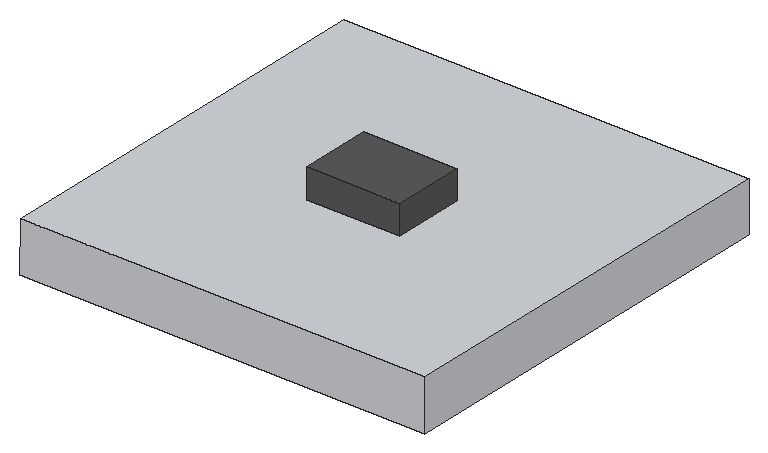
Revit family "r2018_videomax_storage", category Устройства связи, Revit 2018 (continued)
Definition of nested family "videomax_19 4U (JBOD)"
  Lines and regions (mm)
    model lines, visible <- "Back_500", detail levels fine
      curve 2524: circle (602.071, 243.59, 0) r 1.912 normal (0, 0, 1)
      curve 2525: circle (602.26, 235.513, 0) r 1.912 normal (0, 0, 1)
      curve 2526: circle (605.467, 231.475, 0) r 1.912 normal (0, 0, 1)
      curve 2527: circle (602.165, 227.437, 0) r 1.912 normal (0, 0, 1)
      curve 2528: circle (605.514, 279.932, 0) r 1.912 normal (0, 0, 1)
      curve 2529: circle (602.26, 267.818, 0) r 1.912 normal (0, 0, 1)
      curve 2530: circle (605.467, 263.78, 0) r 1.912 normal (0, 0, 1)
      curve 2531: circle (605.467, 239.551, 0) r 1.912 normal (0, 0, 1)
      curve 2532: circle (605.42, 223.399, 0) r 1.912 normal (0, 0, 1)
      curve 2533: circle (605.467, 271.856, 0) r 1.912 normal (0, 0, 1)
      curve 2534: circle (605.42, 255.704, 0) r 1.912 normal (0, 0, 1)
      curve 2535: circle (622.578, 292.047, 0) r 1.912 normal (0, 0, 1)
      curve 2536: circle (625.785, 288.009, 0) r 1.912 normal (0, 0, 1)
      curve 2537: circle (622.578, 283.97, 0) r 1.912 normal (0, 0, 1)
      curve 2538: circle (622.342, 275.894, 0) r 1.912 normal (0, 0, 1)
      curve 2539: circle (622.436, 259.742, 0) r 1.912 normal (0, 0, 1)
      curve 2540: circle (622.578, 251.666, 0) r 1.912 normal (0, 0, 1)
      curve 2541: circle (625.785, 247.628, 0) r 1.912 normal (0, 0, 1)
      curve 2542: circle (622.342, 243.59, 0) r 1.912 normal (0, 0, 1)
      curve 2543: circle (622.53, 235.513, 0) r 1.912 normal (0, 0, 1)
      curve 2544: circle (625.737, 231.475, 0) r 1.912 normal (0, 0, 1)
      curve 2545: circle (622.436, 227.437, 0) r 1.912 normal (0, 0, 1)
      curve 2546: circle (625.785, 279.932, 0) r 1.912 normal (0, 0, 1)
      curve 2547: circle (622.53, 267.818, 0) r 1.912 normal (0, 0, 1)
      curve 2548: circle (625.738, 263.78, 0) r 1.912 normal (0, 0, 1)
      curve 2549: circle (625.738, 239.551, 0) r 1.912 normal (0, 0, 1)
      curve 2550: circle (625.69, 223.399, 0) r 1.912 normal (0, 0, 1)
      curve 2551: circle (625.738, 271.856, 0) r 1.912 normal (0, 0, 1)
      curve 2552: circle (625.691, 255.704, 0) r 1.912 normal (0, 0, 1)
      curve 2553: circle (642.629, 292.047, 0) r 1.912 normal (0, 0, 1)
      curve 2554: circle (645.836, 288.009, 0) r 1.912 normal (0, 0, 1)
      curve 2555: circle (642.629, 283.97, 0) r 1.912 normal (0, 0, 1)
      curve 2556: circle (642.394, 275.894, 0) r 1.912 normal (0, 0, 1)
      curve 2557: circle (642.488, 259.742, 0) r 1.912 normal (0, 0, 1)
      curve 2558: circle (642.629, 251.666, 0) r 1.912 normal (0, 0, 1)
      curve 2559: circle (645.836, 247.628, 0) r 1.912 normal (0, 0, 1)
      curve 2560: circle (642.394, 243.59, 0) r 1.912 normal (0, 0, 1)
      curve 2561: circle (642.582, 235.513, 0) r 1.912 normal (0, 0, 1)
      curve 2562: circle (645.789, 231.475, 0) r 1.912 normal (0, 0, 1)
      curve 2563: circle (642.488, 227.437, 0) r 1.912 normal (0, 0, 1)
      curve 2564: circle (645.836, 279.932, 0) r 1.912 normal (0, 0, 1)
      curve 2565: circle (642.582, 267.818, 0) r 1.912 normal (0, 0, 1)
      curve 2566: circle (645.789, 263.78, 0) r 1.912 normal (0, 0, 1)
      curve 2567: circle (645.789, 239.551, 0) r 1.912 normal (0, 0, 1)
      curve 2568: circle (645.742, 223.399, 0) r 1.912 normal (0, 0, 1)
      curve 2569: circle (645.789, 271.856, 0) r 1.912 normal (0, 0, 1)
      curve 2570: circle (645.742, 255.704, 0) r 1.912 normal (0, 0, 1)
      curve 2571: circle (663.267, 292.047, 0) r 1.912 normal (0, 0, 1)
      curve 2572: circle (666.474, 288.009, 0) r 1.912 normal (0, 0, 1)
      curve 2573: circle (663.267, 283.97, 0) r 1.912 normal (0, 0, 1)
      curve 2574: circle (663.031, 275.894, 0) r 1.912 normal (0, 0, 1)
      curve 2575: circle (663.125, 259.742, 0) r 1.912 normal (0, 0, 1)
      curve 2576: circle (663.267, 251.666, 0) r 1.912 normal (0, 0, 1)
      curve 2577: circle (666.474, 247.628, 0) r 1.912 normal (0, 0, 1)
      curve 2578: circle (663.031, 243.59, 0) r 1.912 normal (0, 0, 1)
      curve 2579: circle (663.22, 235.513, 0) r 1.912 normal (0, 0, 1)
      curve 2580: circle (666.427, 231.475, 0) r 1.912 normal (0, 0, 1)
      curve 2581: circle (663.125, 227.437, 0) r 1.912 normal (0, 0, 1)
      curve 2582: circle (666.474, 279.932, 0) r 1.912 normal (0, 0, 1)
      curve 2583: circle (663.22, 267.818, 0) r 1.912 normal (0, 0, 1)
      curve 2584: circle (666.427, 263.78, 0) r 1.912 normal (0, 0, 1)
      curve 2585: circle (666.427, 239.551, 0) r 1.912 normal (0, 0, 1)
      curve 2586: circle (666.38, 223.399, 0) r 1.912 normal (0, 0, 1)
      curve 2587: circle (666.427, 271.856, 0) r 1.912 normal (0, 0, 1)
      curve 2588: circle (666.38, 255.704, 0) r 1.912 normal (0, 0, 1)
      curve 2589: circle (683.538, 292.047, 0) r 1.912 normal (0, 0, 1)
      curve 2590: circle (686.745, 288.009, 0) r 1.912 normal (0, 0, 1)
      curve 2591: circle (683.538, 283.97, 0) r 1.912 normal (0, 0, 1)
      curve 2592: circle (683.302, 275.894, 0) r 1.912 normal (0, 0, 1)
      curve 2593: circle (683.396, 259.742, 0) r 1.912 normal (0, 0, 1)
      curve 2594: circle (683.538, 251.666, 0) r 1.912 normal (0, 0, 1)
      curve 2595: circle (686.745, 247.628, 0) r 1.912 normal (0, 0, 1)
      curve 2596: circle (683.302, 243.59, 0) r 1.912 normal (0, 0, 1)
      curve 2597: circle (683.49, 235.513, 0) r 1.912 normal (0, 0, 1)
      curve 2598: circle (686.698, 231.475, 0) r 1.912 normal (0, 0, 1)
      curve 2599: circle (683.396, 227.437, 0) r 1.912 normal (0, 0, 1)
      curve 2600: circle (686.745, 279.932, 0) r 1.912 normal (0, 0, 1)
      curve 2601: circle (683.49, 267.818, 0) r 1.912 normal (0, 0, 1)
      curve 2602: circle (686.698, 263.78, 0) r 1.912 normal (0, 0, 1)
      curve 2603: circle (686.698, 239.551, 0) r 1.912 normal (0, 0, 1)
      curve 2604: circle (686.65, 223.399, 0) r 1.912 normal (0, 0, 1)
      curve 2605: circle (686.698, 271.856, 0) r 1.912 normal (0, 0, 1)
      curve 2606: circle (686.651, 255.704, 0) r 1.912 normal (0, 0, 1)
      curve 2607: circle (703.589, 292.047, 0) r 1.912 normal (0, 0, 1)
      curve 2608: circle (706.797, 288.009, 0) r 1.912 normal (0, 0, 1)
      curve 2609: circle (703.589, 283.97, 0) r 1.912 normal (0, 0, 1)
      curve 2610: circle (703.354, 275.894, 0) r 1.912 normal (0, 0, 1)
      curve 2611: circle (703.448, 259.742, 0) r 1.912 normal (0, 0, 1)
      curve 2612: circle (703.589, 251.666, 0) r 1.912 normal (0, 0, 1)
      curve 2613: circle (706.797, 247.628, 0) r 1.912 normal (0, 0, 1)
      curve 2614: circle (703.354, 243.59, 0) r 1.912 normal (0, 0, 1)
      curve 2615: circle (703.542, 235.513, 0) r 1.912 normal (0, 0, 1)
      curve 2616: circle (706.749, 231.475, 0) r 1.912 normal (0, 0, 1)
      curve 2617: circle (703.448, 227.437, 0) r 1.912 normal (0, 0, 1)
      curve 2618: circle (706.797, 279.932, 0) r 1.912 normal (0, 0, 1)
      curve 2619: circle (703.542, 267.818, 0) r 1.912 normal (0, 0, 1)
      curve 2620: circle (706.749, 263.78, 0) r 1.912 normal (0, 0, 1)
      curve 2621: circle (706.749, 239.551, 0) r 1.912 normal (0, 0, 1)
      curve 2622: circle (706.702, 223.399, 0) r 1.912 normal (0, 0, 1)
      curve 2623: circle (706.749, 271.856, 0) r 1.912 normal (0, 0, 1)
      curve 2624: circle (706.702, 255.704, 0) r 1.912 normal (0, 0, 1)
      curve 2625: arc (513.319, 211.741, 0) -> (513.938, 211.429, 0) -> (514.005, 210.739, 0) r 0.719
      curve 2626: arc (513.364, 205.564, 0) -> (513.04, 204.943, 0) -> (512.38, 204.708, 0) r 0.96
      curve 2627: arc (501.301, 204.708, 0) -> (500.628, 204.935, 0) -> (500.278, 205.553, 0) r 0.995
      curve 2628: arc (499.367, 210.595, 0) -> (499.491, 211.356, 0) -> (500.159, 211.741, 0) r 0.899
      curve 2629: arc (477.052, 211.741, 0) -> (477.67, 211.429, 0) -> (477.738, 210.739, 0) r 0.719
      curve 2630: arc (477.097, 205.564, 0) -> (476.773, 204.943, 0) -> (476.113, 204.708, 0) r 0.96
      curve 2631: arc (465.034, 204.708, 0) -> (464.361, 204.935, 0) -> (464.011, 205.553, 0) r 0.995
      curve 2632: arc (463.099, 210.595, 0) -> (463.224, 211.356, 0) -> (463.892, 211.741, 0) r 0.899
      curve 2633: arc (507.294, 229.893, 0) -> (507.913, 229.58, 0) -> (507.981, 228.89, 0) r 0.719
      curve 2634: arc (507.339, 223.715, 0) -> (507.015, 223.094, 0) -> (506.356, 222.859, 0) r 0.96
      curve 2635: arc (471.667, 222.859, 0) -> (470.993, 223.086, 0) -> (470.643, 223.704, 0) r 0.995
      curve 2636: arc (469.732, 228.746, 0) -> (469.856, 229.507, 0) -> (470.524, 229.893, 0) r 0.899
      curve 2637: circle (584.532, 272.964, 0) r 1.743 normal (0, 0, 1)
      curve 2638: circle (584.532, 250.703, 0) r 1.744 normal (0, 0, 1)
      curve 2639: circle (584.532, 238.039, 0) r 1.744 normal (0, 0, 1)
      curve 2640: circle (584.532, 215.777, 0) r 1.743 normal (0, 0, 1)
      curve 2641: arc (588.051, 220.279, 0) -> (587.738, 219.66, 0) -> (587.049, 219.593, 0) r 0.719
      curve 2642: arc (581.874, 220.234, 0) -> (581.253, 220.558, 0) -> (581.017, 221.218, 0) r 0.96
      curve 2643: arc (581.017, 232.297, 0) -> (581.244, 232.97, 0) -> (581.863, 233.32, 0) r 0.995
      curve 2644: arc (586.905, 234.231, 0) -> (587.666, 234.107, 0) -> (588.051, 233.439, 0) r 0.899
      curve 2645: arc (588.167, 255.053, 0) -> (587.854, 254.434, 0) -> (587.164, 254.366, 0) r 0.719
      curve 2646: arc (581.99, 255.008, 0) -> (581.369, 255.332, 0) -> (581.133, 255.991, 0) r 0.96
      curve 2647: arc (581.133, 267.07, 0) -> (581.36, 267.743, 0) -> (581.979, 268.094, 0) r 0.995
      curve 2648: arc (587.021, 269.005, 0) -> (587.782, 268.881, 0) -> (588.167, 268.213, 0) r 0.899
      curve 2649: arc (418.895, 272.083, 0) -> (416.772, 270.025, 0) -> (414.65, 272.083, 0) r 2.123
      curve 2650: arc (414.65, 283.039, 0) -> (416.772, 285.053, 0) -> (418.895, 283.039, 0) r 2.125
      curve 2651: circle (321.576, 354.213, 0) r 1.912 normal (0, 0, 1)
      curve 2652: circle (317.463, 350.817, 0) r 1.91 normal (0, 0, 1)
      curve 2653: circle (321.576, 347.073, 0) r 1.912 normal (0, 0, 1)
      curve 2654: circle (317.463, 343.678, 0) r 1.91 normal (0, 0, 1)
      curve 2655: circle (321.576, 340.254, 0) r 1.912 normal (0, 0, 1)
      curve 2656: circle (317.463, 336.858, 0) r 1.91 normal (0, 0, 1)
      curve 2657: circle (321.576, 333.115, 0) r 1.912 normal (0, 0, 1)
      curve 2658: circle (317.463, 329.719, 0) r 1.91 normal (0, 0, 1)
      curve 2659: circle (321.576, 326.54, 0) r 1.912 normal (0, 0, 1)
      curve 2660: circle (317.463, 323.144, 0) r 1.91 normal (0, 0, 1)
      curve 2661: circle (321.576, 319.4, 0) r 1.912 normal (0, 0, 1)
      curve 2662: circle (317.463, 316.004, 0) r 1.91 normal (0, 0, 1)
      curve 2663: circle (329.804, 354.119, 0) r 1.912 normal (0, 0, 1)
      curve 2664: circle (325.69, 350.723, 0) r 1.91 normal (0, 0, 1)
      curve 2665: circle (329.804, 346.979, 0) r 1.912 normal (0, 0, 1)
      curve 2666: circle (325.69, 343.583, 0) r 1.91 normal (0, 0, 1)
      curve 2667: circle (329.804, 340.16, 0) r 1.912 normal (0, 0, 1)
      curve 2668: circle (325.69, 336.764, 0) r 1.91 normal (0, 0, 1)
      curve 2669: circle (329.804, 333.02, 0) r 1.912 normal (0, 0, 1)
      curve 2670: circle (325.69, 329.625, 0) r 1.91 normal (0, 0, 1)
      curve 2671: circle (329.804, 326.445, 0) r 1.912 normal (0, 0, 1)
      curve 2672: circle (325.69, 323.05, 0) r 1.91 normal (0, 0, 1)
      curve 2673: circle (329.804, 319.306, 0) r 1.912 normal (0, 0, 1)
      curve 2674: circle (325.69, 315.91, 0) r 1.91 normal (0, 0, 1)
      curve 2675: circle (338.031, 354.307, 0) r 1.912 normal (0, 0, 1)
      curve 2676: circle (333.918, 350.912, 0) r 1.91 normal (0, 0, 1)
      curve 2677: circle (338.031, 347.168, 0) r 1.912 normal (0, 0, 1)
      curve 2678: circle (333.918, 343.772, 0) r 1.91 normal (0, 0, 1)
      curve 2679: circle (338.031, 340.349, 0) r 1.912 normal (0, 0, 1)
      curve 2680: circle (333.918, 336.953, 0) r 1.91 normal (0, 0, 1)
      curve 2681: circle (338.031, 333.209, 0) r 1.912 normal (0, 0, 1)
      curve 2682: circle (333.918, 329.813, 0) r 1.91 normal (0, 0, 1)
      curve 2683: circle (338.031, 326.634, 0) r 1.912 normal (0, 0, 1)
      curve 2684: circle (333.918, 323.238, 0) r 1.91 normal (0, 0, 1)
      curve 2685: circle (338.031, 319.494, 0) r 1.912 normal (0, 0, 1)
      curve 2686: circle (333.918, 316.099, 0) r 1.91 normal (0, 0, 1)
      curve 2687: circle (346.259, 354.072, 0) r 1.912 normal (0, 0, 1)
      curve 2688: circle (342.145, 350.676, 0) r 1.91 normal (0, 0, 1)
      curve 2689: circle (346.259, 346.932, 0) r 1.912 normal (0, 0, 1)
      curve 2690: circle (342.145, 343.536, 0) r 1.91 normal (0, 0, 1)
      curve 2691: circle (346.259, 340.113, 0) r 1.912 normal (0, 0, 1)
      curve 2692: circle (342.145, 336.717, 0) r 1.91 normal (0, 0, 1)
      curve 2693: circle (346.259, 332.973, 0) r 1.912 normal (0, 0, 1)
      curve 2694: circle (342.145, 329.577, 0) r 1.91 normal (0, 0, 1)
      curve 2695: circle (346.259, 326.398, 0) r 1.912 normal (0, 0, 1)
      curve 2696: circle (342.145, 323.002, 0) r 1.91 normal (0, 0, 1)
      curve 2697: circle (346.259, 319.259, 0) r 1.912 normal (0, 0, 1)
      curve 2698: circle (342.145, 315.863, 0) r 1.91 normal (0, 0, 1)
      curve 2699: circle (354.486, 354.213, 0) r 1.912 normal (0, 0, 1)
      curve 2700: circle (350.373, 350.817, 0) r 1.91 normal (0, 0, 1)
      curve 2701: circle (354.486, 347.073, 0) r 1.912 normal (0, 0, 1)
      curve 2702: circle (350.373, 343.678, 0) r 1.91 normal (0, 0, 1)
      curve 2703: circle (354.486, 340.254, 0) r 1.912 normal (0, 0, 1)
      curve 2704: circle (350.373, 336.858, 0) r 1.91 normal (0, 0, 1)
      curve 2705: circle (354.486, 333.115, 0) r 1.912 normal (0, 0, 1)
      curve 2706: circle (350.373, 329.719, 0) r 1.91 normal (0, 0, 1)
      curve 2707: circle (354.486, 326.54, 0) r 1.912 normal (0, 0, 1)
      curve 2708: circle (350.373, 323.144, 0) r 1.91 normal (0, 0, 1)
      curve 2709: circle (354.486, 319.4, 0) r 1.912 normal (0, 0, 1)
      curve 2710: circle (350.373, 316.004, 0) r 1.91 normal (0, 0, 1)
      curve 2711: circle (362.714, 354.119, 0) r 1.912 normal (0, 0, 1)
      curve 2712: circle (358.6, 350.723, 0) r 1.91 normal (0, 0, 1)
      curve 2713: circle (362.714, 346.979, 0) r 1.912 normal (0, 0, 1)
      curve 2714: circle (358.6, 343.583, 0) r 1.91 normal (0, 0, 1)
      curve 2715: circle (362.714, 340.16, 0) r 1.912 normal (0, 0, 1)
      curve 2716: circle (358.6, 336.764, 0) r 1.91 normal (0, 0, 1)
      curve 2717: circle (362.714, 333.02, 0) r 1.912 normal (0, 0, 1)
      curve 2718: circle (358.6, 329.625, 0) r 1.91 normal (0, 0, 1)
      curve 2719: circle (362.714, 326.445, 0) r 1.912 normal (0, 0, 1)
      curve 2720: circle (358.6, 323.05, 0) r 1.91 normal (0, 0, 1)
      curve 2721: circle (362.714, 319.306, 0) r 1.912 normal (0, 0, 1)
      curve 2722: circle (358.6, 315.91, 0) r 1.91 normal (0, 0, 1)
      curve 2723: circle (370.941, 354.307, 0) r 1.912 normal (0, 0, 1)
      curve 2724: circle (366.828, 350.912, 0) r 1.91 normal (0, 0, 1)
      curve 2725: circle (370.941, 347.168, 0) r 1.912 normal (0, 0, 1)
      curve 2726: circle (366.828, 343.772, 0) r 1.91 normal (0, 0, 1)
      curve 2727: circle (370.941, 340.349, 0) r 1.912 normal (0, 0, 1)
      curve 2728: circle (366.828, 336.953, 0) r 1.91 normal (0, 0, 1)
      curve 2729: circle (370.941, 333.209, 0) r 1.912 normal (0, 0, 1)
      curve 2730: circle (366.828, 329.813, 0) r 1.91 normal (0, 0, 1)
      curve 2731: circle (370.941, 326.634, 0) r 1.912 normal (0, 0, 1)
      curve 2732: circle (366.828, 323.238, 0) r 1.91 normal (0, 0, 1)
      curve 2733: circle (370.941, 319.494, 0) r 1.912 normal (0, 0, 1)
      curve 2734: circle (366.828, 316.099, 0) r 1.91 normal (0, 0, 1)
      curve 2735: circle (379.169, 354.213, 0) r 1.912 normal (0, 0, 1)
      curve 2736: circle (375.055, 350.817, 0) r 1.91 normal (0, 0, 1)
      curve 2737: circle (379.169, 347.073, 0) r 1.912 normal (0, 0, 1)
      curve 2738: circle (375.055, 343.678, 0) r 1.91 normal (0, 0, 1)
      curve 2739: circle (379.169, 340.254, 0) r 1.912 normal (0, 0, 1)
      curve 2740: circle (375.055, 336.858, 0) r 1.91 normal (0, 0, 1)
      curve 2741: circle (379.169, 333.115, 0) r 1.912 normal (0, 0, 1)
      curve 2742: circle (375.055, 329.719, 0) r 1.91 normal (0, 0, 1)
      curve 2743: circle (379.169, 326.54, 0) r 1.912 normal (0, 0, 1)
      curve 2744: circle (375.055, 323.144, 0) r 1.91 normal (0, 0, 1)
      curve 2745: circle (379.169, 319.4, 0) r 1.912 normal (0, 0, 1)
      curve 2746: circle (375.055, 316.004, 0) r 1.91 normal (0, 0, 1)
      curve 2747: circle (387.396, 354.119, 0) r 1.912 normal (0, 0, 1)
      curve 2748: circle (383.282, 350.723, 0) r 1.91 normal (0, 0, 1)
      curve 2749: circle (387.396, 346.979, 0) r 1.912 normal (0, 0, 1)
      curve 2750: circle (383.282, 343.583, 0) r 1.91 normal (0, 0, 1)
      curve 2751: circle (387.396, 340.16, 0) r 1.912 normal (0, 0, 1)
      curve 2752: circle (383.282, 336.764, 0) r 1.91 normal (0, 0, 1)
      curve 2753: circle (387.396, 333.02, 0) r 1.912 normal (0, 0, 1)
      curve 2754: circle (383.282, 329.625, 0) r 1.91 normal (0, 0, 1)
      curve 2755: circle (387.396, 326.445, 0) r 1.912 normal (0, 0, 1)
      curve 2756: circle (383.282, 323.05, 0) r 1.91 normal (0, 0, 1)
      curve 2757: circle (387.396, 319.306, 0) r 1.912 normal (0, 0, 1)
      curve 2758: circle (383.282, 315.91, 0) r 1.91 normal (0, 0, 1)
      curve 2759: circle (419.738, 355.271, 0) r 1.912 normal (0, 0, 1)
      curve 2760: circle (415.624, 351.876, 0) r 1.91 normal (0, 0, 1)
      curve 2761: circle (419.738, 348.132, 0) r 1.912 normal (0, 0, 1)
      curve 2762: circle (415.624, 344.736, 0) r 1.91 normal (0, 0, 1)
      curve 2763: circle (419.738, 341.313, 0) r 1.912 normal (0, 0, 1)
      curve 2764: circle (415.624, 337.917, 0) r 1.91 normal (0, 0, 1)
      curve 2765: circle (419.738, 334.173, 0) r 1.912 normal (0, 0, 1)
      curve 2766: circle (415.624, 330.777, 0) r 1.91 normal (0, 0, 1)
      curve 2767: circle (419.738, 327.598, 0) r 1.912 normal (0, 0, 1)
      curve 2768: circle (415.624, 324.202, 0) r 1.91 normal (0, 0, 1)
      curve 2769: circle (419.738, 320.458, 0) r 1.912 normal (0, 0, 1)
      curve 2770: circle (415.624, 317.063, 0) r 1.91 normal (0, 0, 1)
      curve 2771: circle (427.965, 355.177, 0) r 1.912 normal (0, 0, 1)
      curve 2772: circle (423.851, 351.781, 0) r 1.91 normal (0, 0, 1)
      curve 2773: circle (427.965, 348.038, 0) r 1.912 normal (0, 0, 1)
      curve 2774: circle (423.851, 344.642, 0) r 1.91 normal (0, 0, 1)
      curve 2775: circle (427.965, 341.218, 0) r 1.912 normal (0, 0, 1)
      curve 2776: circle (423.851, 337.823, 0) r 1.91 normal (0, 0, 1)
      curve 2777: circle (427.965, 334.079, 0) r 1.912 normal (0, 0, 1)
      curve 2778: circle (423.851, 330.683, 0) r 1.91 normal (0, 0, 1)
      curve 2779: circle (427.965, 327.504, 0) r 1.912 normal (0, 0, 1)
      curve 2780: circle (423.851, 324.108, 0) r 1.91 normal (0, 0, 1)
      curve 2781: circle (427.965, 320.364, 0) r 1.912 normal (0, 0, 1)
      curve 2782: circle (423.851, 316.968, 0) r 1.91 normal (0, 0, 1)
      curve 2783: circle (436.193, 355.366, 0) r 1.912 normal (0, 0, 1)
      curve 2784: circle (432.079, 351.97, 0) r 1.91 normal (0, 0, 1)
      curve 2785: circle (436.193, 348.226, 0) r 1.912 normal (0, 0, 1)
      curve 2786: circle (432.079, 344.83, 0) r 1.91 normal (0, 0, 1)
      curve 2787: circle (436.193, 341.407, 0) r 1.912 normal (0, 0, 1)
      curve 2788: circle (432.079, 338.011, 0) r 1.91 normal (0, 0, 1)
      curve 2789: circle (436.193, 334.267, 0) r 1.912 normal (0, 0, 1)
      curve 2790: circle (432.079, 330.872, 0) r 1.91 normal (0, 0, 1)
      curve 2791: circle (436.193, 327.692, 0) r 1.912 normal (0, 0, 1)
      curve 2792: circle (432.079, 324.297, 0) r 1.91 normal (0, 0, 1)
      curve 2793: circle (436.193, 320.553, 0) r 1.912 normal (0, 0, 1)
      curve 2794: circle (432.079, 317.157, 0) r 1.91 normal (0, 0, 1)
      curve 2795: circle (444.42, 355.13, 0) r 1.912 normal (0, 0, 1)
      curve 2796: circle (440.306, 351.734, 0) r 1.91 normal (0, 0, 1)
      curve 2797: circle (444.42, 347.99, 0) r 1.912 normal (0, 0, 1)
      curve 2798: circle (440.306, 344.594, 0) r 1.91 normal (0, 0, 1)
      curve 2799: circle (444.42, 341.171, 0) r 1.912 normal (0, 0, 1)
      curve 2800: circle (440.306, 337.775, 0) r 1.91 normal (0, 0, 1)
      curve 2801: circle (444.42, 334.032, 0) r 1.912 normal (0, 0, 1)
      curve 2802: circle (440.306, 330.636, 0) r 1.91 normal (0, 0, 1)
      curve 2803: circle (444.42, 327.457, 0) r 1.912 normal (0, 0, 1)
      curve 2804: circle (440.306, 324.061, 0) r 1.91 normal (0, 0, 1)
      curve 2805: circle (444.42, 320.317, 0) r 1.912 normal (0, 0, 1)
      curve 2806: circle (440.306, 316.921, 0) r 1.91 normal (0, 0, 1)
      curve 2807: circle (452.648, 355.271, 0) r 1.912 normal (0, 0, 1)
      curve 2808: circle (448.534, 351.876, 0) r 1.91 normal (0, 0, 1)
      curve 2809: circle (452.648, 348.132, 0) r 1.912 normal (0, 0, 1)
      curve 2810: circle (448.534, 344.736, 0) r 1.91 normal (0, 0, 1)
      curve 2811: circle (452.648, 341.313, 0) r 1.912 normal (0, 0, 1)
      curve 2812: circle (448.534, 337.917, 0) r 1.91 normal (0, 0, 1)
      curve 2813: circle (452.648, 334.173, 0) r 1.912 normal (0, 0, 1)
      curve 2814: circle (448.534, 330.777, 0) r 1.91 normal (0, 0, 1)
      curve 2815: circle (452.648, 327.598, 0) r 1.912 normal (0, 0, 1)
      curve 2816: circle (448.534, 324.202, 0) r 1.91 normal (0, 0, 1)
      curve 2817: circle (452.648, 320.458, 0) r 1.912 normal (0, 0, 1)
      curve 2818: circle (448.534, 317.063, 0) r 1.91 normal (0, 0, 1)
      curve 2819: circle (460.875, 355.177, 0) r 1.912 normal (0, 0, 1)
      curve 2820: circle (456.761, 351.781, 0) r 1.91 normal (0, 0, 1)
      curve 2821: circle (460.875, 348.038, 0) r 1.912 normal (0, 0, 1)
      curve 2822: circle (456.761, 344.642, 0) r 1.91 normal (0, 0, 1)
      curve 2823: circle (460.875, 341.218, 0) r 1.912 normal (0, 0, 1)
      curve 2824: circle (456.761, 337.823, 0) r 1.91 normal (0, 0, 1)
      curve 2825: circle (460.875, 334.079, 0) r 1.912 normal (0, 0, 1)
      curve 2826: circle (456.761, 330.683, 0) r 1.91 normal (0, 0, 1)
      curve 2827: circle (460.875, 327.504, 0) r 1.912 normal (0, 0, 1)
      curve 2828: circle (456.761, 324.108, 0) r 1.91 normal (0, 0, 1)
      curve 2829: circle (460.875, 320.364, 0) r 1.912 normal (0, 0, 1)
      curve 2830: circle (456.761, 316.968, 0) r 1.91 normal (0, 0, 1)
      curve 2831: circle (469.102, 355.366, 0) r 1.912 normal (0, 0, 1)
      curve 2832: circle (464.989, 351.97, 0) r 1.91 normal (0, 0, 1)
      curve 2833: circle (469.102, 348.226, 0) r 1.912 normal (0, 0, 1)
      curve 2834: circle (464.989, 344.83, 0) r 1.91 normal (0, 0, 1)
      curve 2835: circle (469.102, 341.407, 0) r 1.912 normal (0, 0, 1)
      curve 2836: circle (464.989, 338.011, 0) r 1.91 normal (0, 0, 1)
      curve 2837: circle (469.102, 334.267, 0) r 1.912 normal (0, 0, 1)
      curve 2838: circle (464.989, 330.872, 0) r 1.91 normal (0, 0, 1)
      curve 2839: circle (469.102, 327.692, 0) r 1.912 normal (0, 0, 1)
      curve 2840: circle (464.989, 324.297, 0) r 1.91 normal (0, 0, 1)
      curve 2841: circle (469.102, 320.553, 0) r 1.912 normal (0, 0, 1)
      curve 2842: circle (464.989, 317.157, 0) r 1.91 normal (0, 0, 1)
      curve 2843: circle (477.33, 355.271, 0) r 1.912 normal (0, 0, 1)
      curve 2844: circle (473.216, 351.876, 0) r 1.91 normal (0, 0, 1)
      curve 2845: circle (477.33, 348.132, 0) r 1.912 normal (0, 0, 1)
      curve 2846: circle (473.216, 344.736, 0) r 1.91 normal (0, 0, 1)
      curve 2847: circle (477.33, 341.313, 0) r 1.912 normal (0, 0, 1)
      curve 2848: circle (473.216, 337.917, 0) r 1.91 normal (0, 0, 1)
      curve 2849: circle (477.33, 334.173, 0) r 1.912 normal (0, 0, 1)
      curve 2850: circle (473.216, 330.777, 0) r 1.91 normal (0, 0, 1)
      curve 2851: circle (477.33, 327.598, 0) r 1.912 normal (0, 0, 1)
      curve 2852: circle (473.216, 324.202, 0) r 1.91 normal (0, 0, 1)
      curve 2853: circle (477.33, 320.458, 0) r 1.912 normal (0, 0, 1)
      curve 2854: circle (473.216, 317.063, 0) r 1.91 normal (0, 0, 1)
      curve 2855: circle (485.557, 355.177, 0) r 1.912 normal (0, 0, 1)
      curve 2856: circle (481.444, 351.781, 0) r 1.91 normal (0, 0, 1)
      curve 2857: circle (485.557, 348.038, 0) r 1.912 normal (0, 0, 1)
      curve 2858: circle (481.444, 344.642, 0) r 1.91 normal (0, 0, 1)
      curve 2859: circle (485.557, 341.218, 0) r 1.912 normal (0, 0, 1)
      curve 2860: circle (481.444, 337.823, 0) r 1.91 normal (0, 0, 1)
      curve 2861: circle (485.557, 334.079, 0) r 1.912 normal (0, 0, 1)
      curve 2862: circle (481.444, 330.683, 0) r 1.91 normal (0, 0, 1)
      curve 2863: circle (485.557, 327.504, 0) r 1.912 normal (0, 0, 1)
      curve 2864: circle (481.444, 324.108, 0) r 1.91 normal (0, 0, 1)
      curve 2865: circle (485.557, 320.364, 0) r 1.912 normal (0, 0, 1)
      curve 2866: circle (481.444, 316.968, 0) r 1.91 normal (0, 0, 1)
      curve 2867: circle (493.993, 355.271, 0) r 1.912 normal (0, 0, 1)
      curve 2868: circle (489.879, 351.876, 0) r 1.91 normal (0, 0, 1)
      curve 2869: circle (493.993, 348.132, 0) r 1.912 normal (0, 0, 1)
      curve 2870: circle (489.879, 344.736, 0) r 1.91 normal (0, 0, 1)
      curve 2871: circle (493.993, 341.313, 0) r 1.912 normal (0, 0, 1)
      curve 2872: circle (489.879, 337.917, 0) r 1.91 normal (0, 0, 1)
      curve 2873: circle (493.993, 334.173, 0) r 1.912 normal (0, 0, 1)
      curve 2874: circle (489.879, 330.777, 0) r 1.91 normal (0, 0, 1)
      curve 2875: circle (493.993, 327.598, 0) r 1.912 normal (0, 0, 1)
      curve 2876: circle (489.879, 324.202, 0) r 1.91 normal (0, 0, 1)
      curve 2877: circle (493.993, 320.458, 0) r 1.912 normal (0, 0, 1)
      curve 2878: circle (489.879, 317.063, 0) r 1.91 normal (0, 0, 1)
      curve 2879: circle (502.221, 355.177, 0) r 1.912 normal (0, 0, 1)
      curve 2880: circle (498.107, 351.781, 0) r 1.91 normal (0, 0, 1)
      curve 2881: circle (502.221, 348.038, 0) r 1.912 normal (0, 0, 1)
      curve 2882: circle (498.107, 344.642, 0) r 1.91 normal (0, 0, 1)
      curve 2883: circle (502.221, 341.218, 0) r 1.912 normal (0, 0, 1)
      curve 2884: circle (498.107, 337.823, 0) r 1.91 normal (0, 0, 1)
      curve 2885: circle (502.221, 334.079, 0) r 1.912 normal (0, 0, 1)
      curve 2886: circle (498.107, 330.683, 0) r 1.91 normal (0, 0, 1)
      curve 2887: circle (502.221, 327.504, 0) r 1.912 normal (0, 0, 1)
      curve 2888: circle (498.107, 324.108, 0) r 1.91 normal (0, 0, 1)
      curve 2889: circle (502.221, 320.364, 0) r 1.912 normal (0, 0, 1)
      curve 2890: circle (498.107, 316.968, 0) r 1.91 normal (0, 0, 1)
      curve 2891: circle (510.448, 355.366, 0) r 1.912 normal (0, 0, 1)
      curve 2892: circle (506.335, 351.97, 0) r 1.91 normal (0, 0, 1)
      curve 2893: circle (510.448, 348.226, 0) r 1.912 normal (0, 0, 1)
      curve 2894: circle (506.335, 344.83, 0) r 1.91 normal (0, 0, 1)
      curve 2895: circle (510.448, 341.407, 0) r 1.912 normal (0, 0, 1)
      curve 2896: circle (506.335, 338.011, 0) r 1.91 normal (0, 0, 1)
      curve 2897: circle (510.448, 334.267, 0) r 1.912 normal (0, 0, 1)
      curve 2898: circle (506.335, 330.872, 0) r 1.91 normal (0, 0, 1)
      curve 2899: circle (510.448, 327.692, 0) r 1.912 normal (0, 0, 1)
      curve 2900: circle (506.335, 324.297, 0) r 1.91 normal (0, 0, 1)
      curve 2901: circle (510.448, 320.553, 0) r 1.912 normal (0, 0, 1)
      curve 2902: circle (506.335, 317.157, 0) r 1.91 normal (0, 0, 1)
      curve 2903: circle (518.676, 355.13, 0) r 1.912 normal (0, 0, 1)
      curve 2904: circle (514.562, 351.734, 0) r 1.91 normal (0, 0, 1)
      curve 2905: circle (518.676, 347.99, 0) r 1.912 normal (0, 0, 1)
      curve 2906: circle (514.562, 344.594, 0) r 1.91 normal (0, 0, 1)
      curve 2907: circle (518.676, 341.171, 0) r 1.912 normal (0, 0, 1)
      curve 2908: circle (514.562, 337.775, 0) r 1.91 normal (0, 0, 1)
      curve 2909: circle (518.676, 334.032, 0) r 1.912 normal (0, 0, 1)
      curve 2910: circle (514.562, 330.636, 0) r 1.91 normal (0, 0, 1)
      curve 2911: circle (518.676, 327.457, 0) r 1.912 normal (0, 0, 1)
      curve 2912: circle (514.562, 324.061, 0) r 1.91 normal (0, 0, 1)
      curve 2913: circle (518.676, 320.317, 0) r 1.912 normal (0, 0, 1)
      curve 2914: circle (514.562, 316.921, 0) r 1.91 normal (0, 0, 1)
      curve 2915: circle (526.903, 355.271, 0) r 1.912 normal (0, 0, 1)
      curve 2916: circle (522.789, 351.876, 0) r 1.91 normal (0, 0, 1)
      curve 2917: circle (526.903, 348.132, 0) r 1.912 normal (0, 0, 1)
      curve 2918: circle (522.789, 344.736, 0) r 1.91 normal (0, 0, 1)
      curve 2919: circle (526.903, 341.313, 0) r 1.912 normal (0, 0, 1)
      curve 2920: circle (522.789, 337.917, 0) r 1.91 normal (0, 0, 1)
      curve 2921: circle (526.903, 334.173, 0) r 1.912 normal (0, 0, 1)
      curve 2922: circle (522.789, 330.777, 0) r 1.91 normal (0, 0, 1)
      curve 2923: circle (526.903, 327.598, 0) r 1.912 normal (0, 0, 1)
      curve 2924: circle (522.789, 324.202, 0) r 1.91 normal (0, 0, 1)
      curve 2925: circle (526.903, 320.458, 0) r 1.912 normal (0, 0, 1)
      curve 2926: circle (522.789, 317.063, 0) r 1.91 normal (0, 0, 1)
      curve 2927: circle (535.13, 355.177, 0) r 1.912 normal (0, 0, 1)
      curve 2928: circle (531.017, 351.781, 0) r 1.91 normal (0, 0, 1)
      curve 2929: circle (535.13, 348.038, 0) r 1.912 normal (0, 0, 1)
      curve 2930: circle (531.017, 344.642, 0) r 1.91 normal (0, 0, 1)
      curve 2931: circle (535.13, 341.218, 0) r 1.912 normal (0, 0, 1)
      curve 2932: circle (531.017, 337.823, 0) r 1.91 normal (0, 0, 1)
      curve 2933: circle (535.13, 334.079, 0) r 1.912 normal (0, 0, 1)
      curve 2934: circle (531.017, 330.683, 0) r 1.91 normal (0, 0, 1)
      curve 2935: circle (535.13, 327.504, 0) r 1.912 normal (0, 0, 1)
      curve 2936: circle (531.017, 324.108, 0) r 1.91 normal (0, 0, 1)
      curve 2937: circle (535.13, 320.364, 0) r 1.912 normal (0, 0, 1)
      curve 2938: circle (531.017, 316.968, 0) r 1.91 normal (0, 0, 1)
      curve 2939: circle (543.358, 355.366, 0) r 1.912 normal (0, 0, 1)
      curve 2940: circle (539.244, 351.97, 0) r 1.91 normal (0, 0, 1)
      curve 2941: circle (543.358, 348.226, 0) r 1.912 normal (0, 0, 1)
      curve 2942: circle (539.244, 344.83, 0) r 1.91 normal (0, 0, 1)
      curve 2943: circle (543.358, 341.407, 0) r 1.912 normal (0, 0, 1)
      curve 2944: circle (539.244, 338.011, 0) r 1.91 normal (0, 0, 1)
      curve 2945: circle (543.358, 334.267, 0) r 1.912 normal (0, 0, 1)
      curve 2946: circle (539.244, 330.872, 0) r 1.91 normal (0, 0, 1)
      curve 2947: circle (543.358, 327.692, 0) r 1.912 normal (0, 0, 1)
      curve 2948: circle (539.244, 324.297, 0) r 1.91 normal (0, 0, 1)
      curve 2949: circle (543.358, 320.553, 0) r 1.912 normal (0, 0, 1)
      curve 2950: circle (539.244, 317.157, 0) r 1.91 normal (0, 0, 1)
      curve 2951: circle (551.585, 355.271, 0) r 1.912 normal (0, 0, 1)
      curve 2952: circle (547.472, 351.876, 0) r 1.91 normal (0, 0, 1)
      curve 2953: circle (551.585, 348.132, 0) r 1.912 normal (0, 0, 1)
      curve 2954: circle (547.472, 344.736, 0) r 1.91 normal (0, 0, 1)
      curve 2955: circle (551.585, 341.313, 0) r 1.912 normal (0, 0, 1)
      curve 2956: circle (547.472, 337.917, 0) r 1.91 normal (0, 0, 1)
      curve 2957: circle (551.585, 334.173, 0) r 1.912 normal (0, 0, 1)
      curve 2958: circle (547.472, 330.777, 0) r 1.91 normal (0, 0, 1)
      curve 2959: circle (551.585, 327.598, 0) r 1.912 normal (0, 0, 1)
      curve 2960: circle (547.472, 324.202, 0) r 1.91 normal (0, 0, 1)
      curve 2961: circle (551.585, 320.458, 0) r 1.912 normal (0, 0, 1)
      curve 2962: circle (547.472, 317.063, 0) r 1.91 normal (0, 0, 1)
      curve 2963: circle (559.813, 355.177, 0) r 1.912 normal (0, 0, 1)
      curve 2964: circle (555.699, 351.781, 0) r 1.91 normal (0, 0, 1)
      curve 2965: circle (559.813, 348.038, 0) r 1.912 normal (0, 0, 1)
      curve 2966: circle (555.699, 344.642, 0) r 1.91 normal (0, 0, 1)
      curve 2967: circle (559.813, 341.218, 0) r 1.912 normal (0, 0, 1)
      curve 2968: circle (555.699, 337.823, 0) r 1.91 normal (0, 0, 1)
      curve 2969: circle (559.813, 334.079, 0) r 1.912 normal (0, 0, 1)
      curve 2970: circle (555.699, 330.683, 0) r 1.91 normal (0, 0, 1)
      curve 2971: circle (559.813, 327.504, 0) r 1.912 normal (0, 0, 1)
      curve 2972: circle (555.699, 324.108, 0) r 1.91 normal (0, 0, 1)
      curve 2973: circle (559.813, 320.364, 0) r 1.912 normal (0, 0, 1)
      curve 2974: circle (555.699, 316.968, 0) r 1.91 normal (0, 0, 1)
      curve 2975: circle (567.994, 355.271, 0) r 1.912 normal (0, 0, 1)
      curve 2976: circle (563.88, 351.876, 0) r 1.91 normal (0, 0, 1)
      curve 2977: circle (567.994, 348.132, 0) r 1.912 normal (0, 0, 1)
      curve 2978: circle (563.88, 344.736, 0) r 1.91 normal (0, 0, 1)
      curve 2979: circle (567.994, 341.313, 0) r 1.912 normal (0, 0, 1)
      curve 2980: circle (563.88, 337.917, 0) r 1.91 normal (0, 0, 1)
      curve 2981: circle (567.994, 334.173, 0) r 1.912 normal (0, 0, 1)
      curve 2982: circle (563.88, 330.777, 0) r 1.91 normal (0, 0, 1)
      curve 2983: circle (567.994, 327.598, 0) r 1.912 normal (0, 0, 1)
      curve 2984: circle (563.88, 324.202, 0) r 1.91 normal (0, 0, 1)
      curve 2985: circle (567.994, 320.458, 0) r 1.912 normal (0, 0, 1)
      curve 2986: circle (563.88, 317.063, 0) r 1.91 normal (0, 0, 1)
      curve 2987: circle (576.221, 355.177, 0) r 1.912 normal (0, 0, 1)
      curve 2988: circle (572.108, 351.781, 0) r 1.91 normal (0, 0, 1)
      curve 2989: circle (576.221, 348.038, 0) r 1.912 normal (0, 0, 1)
      curve 2990: circle (572.108, 344.642, 0) r 1.91 normal (0, 0, 1)
      curve 2991: circle (576.221, 341.218, 0) r 1.912 normal (0, 0, 1)
      curve 2992: circle (572.108, 337.823, 0) r 1.91 normal (0, 0, 1)
      curve 2993: circle (576.221, 334.079, 0) r 1.912 normal (0, 0, 1)
      curve 2994: circle (572.108, 330.683, 0) r 1.91 normal (0, 0, 1)
      curve 2995: circle (576.221, 327.504, 0) r 1.912 normal (0, 0, 1)
      curve 2996: circle (572.108, 324.108, 0) r 1.91 normal (0, 0, 1)
      curve 2997: circle (576.221, 320.364, 0) r 1.912 normal (0, 0, 1)
      curve 2998: circle (572.108, 316.968, 0) r 1.91 normal (0, 0, 1)
      curve 2999: circle (584.449, 355.366, 0) r 1.912 normal (0, 0, 1)
      curve 3000: circle (580.335, 351.97, 0) r 1.91 normal (0, 0, 1)
      curve 3001: circle (584.449, 348.226, 0) r 1.912 normal (0, 0, 1)
      curve 3002: circle (580.335, 344.83, 0) r 1.91 normal (0, 0, 1)
      curve 3003: circle (584.449, 341.407, 0) r 1.912 normal (0, 0, 1)
      curve 3004: circle (580.335, 338.011, 0) r 1.91 normal (0, 0, 1)
      curve 3005: circle (584.449, 334.267, 0) r 1.912 normal (0, 0, 1)
      curve 3006: circle (580.335, 330.872, 0) r 1.91 normal (0, 0, 1)
      curve 3007: circle (584.449, 327.692, 0) r 1.912 normal (0, 0, 1)
      curve 3008: circle (580.335, 324.297, 0) r 1.91 normal (0, 0, 1)
      curve 3009: circle (584.449, 320.553, 0) r 1.912 normal (0, 0, 1)
      curve 3010: circle (580.335, 317.157, 0) r 1.91 normal (0, 0, 1)
      curve 3011: circle (592.676, 355.13, 0) r 1.912 normal (0, 0, 1)
      curve 3012: circle (588.563, 351.734, 0) r 1.91 normal (0, 0, 1)
      curve 3013: circle (592.676, 347.99, 0) r 1.912 normal (0, 0, 1)
      curve 3014: circle (588.563, 344.594, 0) r 1.91 normal (0, 0, 1)
      curve 3015: circle (592.676, 341.171, 0) r 1.912 normal (0, 0, 1)
      curve 3016: circle (588.563, 337.775, 0) r 1.91 normal (0, 0, 1)
      curve 3017: circle (592.676, 334.032, 0) r 1.912 normal (0, 0, 1)
      curve 3018: circle (588.563, 330.636, 0) r 1.91 normal (0, 0, 1)
      curve 3019: circle (592.676, 327.457, 0) r 1.912 normal (0, 0, 1)
      curve 3020: circle (588.563, 324.061, 0) r 1.91 normal (0, 0, 1)
      curve 3021: circle (592.676, 320.317, 0) r 1.912 normal (0, 0, 1)
      curve 3022: circle (588.563, 316.921, 0) r 1.91 normal (0, 0, 1)
      curve 3023: circle (600.904, 355.271, 0) r 1.912 normal (0, 0, 1)
      curve 3024: circle (596.79, 351.876, 0) r 1.91 normal (0, 0, 1)
      curve 3025: circle (600.904, 348.132, 0) r 1.912 normal (0, 0, 1)
      curve 3026: circle (596.79, 344.736, 0) r 1.91 normal (0, 0, 1)
      curve 3027: circle (600.904, 341.313, 0) r 1.912 normal (0, 0, 1)
      curve 3028: circle (596.79, 337.917, 0) r 1.91 normal (0, 0, 1)
      curve 3029: circle (600.904, 334.173, 0) r 1.912 normal (0, 0, 1)
      curve 3030: circle (596.79, 330.777, 0) r 1.91 normal (0, 0, 1)
      curve 3031: circle (600.904, 327.598, 0) r 1.912 normal (0, 0, 1)
      curve 3032: circle (596.79, 324.202, 0) r 1.91 normal (0, 0, 1)
      curve 3033: circle (600.904, 320.458, 0) r 1.912 normal (0, 0, 1)
      curve 3034: circle (596.79, 317.063, 0) r 1.91 normal (0, 0, 1)
      curve 3035: circle (609.131, 355.177, 0) r 1.912 normal (0, 0, 1)
      curve 3036: circle (605.018, 351.781, 0) r 1.91 normal (0, 0, 1)
      curve 3037: circle (609.131, 348.038, 0) r 1.912 normal (0, 0, 1)
      curve 3038: circle (605.018, 344.642, 0) r 1.91 normal (0, 0, 1)
      curve 3039: circle (609.131, 341.218, 0) r 1.912 normal (0, 0, 1)
      curve 3040: circle (605.018, 337.823, 0) r 1.91 normal (0, 0, 1)
      curve 3041: circle (609.131, 334.079, 0) r 1.912 normal (0, 0, 1)
      curve 3042: circle (605.018, 330.683, 0) r 1.91 normal (0, 0, 1)
      curve 3043: circle (609.131, 327.504, 0) r 1.912 normal (0, 0, 1)
      curve 3044: circle (605.018, 324.108, 0) r 1.91 normal (0, 0, 1)
      curve 3045: circle (609.131, 320.364, 0) r 1.912 normal (0, 0, 1)
      curve 3046: circle (605.018, 316.968, 0) r 1.91 normal (0, 0, 1)
      curve 3047: circle (617.359, 355.366, 0) r 1.912 normal (0, 0, 1)
      curve 3048: circle (613.245, 351.97, 0) r 1.91 normal (0, 0, 1)
      curve 3049: circle (617.359, 348.226, 0) r 1.912 normal (0, 0, 1)
      curve 3050: circle (613.245, 344.83, 0) r 1.91 normal (0, 0, 1)
      curve 3051: circle (617.359, 341.407, 0) r 1.912 normal (0, 0, 1)
      curve 3052: circle (613.245, 338.011, 0) r 1.91 normal (0, 0, 1)
      curve 3053: circle (617.359, 334.267, 0) r 1.912 normal (0, 0, 1)
      curve 3054: circle (613.245, 330.872, 0) r 1.91 normal (0, 0, 1)
      curve 3055: circle (617.359, 327.692, 0) r 1.912 normal (0, 0, 1)
      curve 3056: circle (613.245, 324.297, 0) r 1.91 normal (0, 0, 1)
      curve 3057: circle (617.359, 320.553, 0) r 1.912 normal (0, 0, 1)
      curve 3058: circle (613.245, 317.157, 0) r 1.91 normal (0, 0, 1)
      curve 3059: circle (625.586, 355.271, 0) r 1.912 normal (0, 0, 1)
      curve 3060: circle (621.472, 351.876, 0) r 1.91 normal (0, 0, 1)
      curve 3061: circle (625.586, 348.132, 0) r 1.912 normal (0, 0, 1)
      curve 3062: circle (621.472, 344.736, 0) r 1.91 normal (0, 0, 1)
      curve 3063: circle (625.586, 341.313, 0) r 1.912 normal (0, 0, 1)
      curve 3064: circle (621.472, 337.917, 0) r 1.91 normal (0, 0, 1)
      curve 3065: circle (625.586, 334.173, 0) r 1.912 normal (0, 0, 1)
      curve 3066: circle (621.472, 330.777, 0) r 1.91 normal (0, 0, 1)
      curve 3067: circle (625.586, 327.598, 0) r 1.912 normal (0, 0, 1)
      curve 3068: circle (621.472, 324.202, 0) r 1.91 normal (0, 0, 1)
      curve 3069: circle (625.586, 320.458, 0) r 1.912 normal (0, 0, 1)
      curve 3070: circle (621.472, 317.063, 0) r 1.91 normal (0, 0, 1)
      curve 3071: circle (633.814, 355.177, 0) r 1.912 normal (0, 0, 1)
      curve 3072: circle (629.7, 351.781, 0) r 1.91 normal (0, 0, 1)
      curve 3073: circle (633.814, 348.038, 0) r 1.912 normal (0, 0, 1)
      curve 3074: circle (629.7, 344.642, 0) r 1.91 normal (0, 0, 1)
      curve 3075: circle (633.814, 341.218, 0) r 1.912 normal (0, 0, 1)
      curve 3076: circle (629.7, 337.823, 0) r 1.91 normal (0, 0, 1)
      curve 3077: circle (633.814, 334.079, 0) r 1.912 normal (0, 0, 1)
      curve 3078: circle (629.7, 330.683, 0) r 1.91 normal (0, 0, 1)
      curve 3079: circle (633.814, 327.504, 0) r 1.912 normal (0, 0, 1)
      curve 3080: circle (629.7, 324.108, 0) r 1.91 normal (0, 0, 1)
      curve 3081: circle (633.814, 320.364, 0) r 1.912 normal (0, 0, 1)
      curve 3082: circle (629.7, 316.968, 0) r 1.91 normal (0, 0, 1)
      curve 3083: circle (642.249, 355.271, 0) r 1.912 normal (0, 0, 1)
      curve 3084: circle (638.136, 351.876, 0) r 1.91 normal (0, 0, 1)
      curve 3085: circle (642.249, 348.132, 0) r 1.912 normal (0, 0, 1)
      curve 3086: circle (638.136, 344.736, 0) r 1.91 normal (0, 0, 1)
      curve 3087: circle (642.249, 341.313, 0) r 1.912 normal (0, 0, 1)
      curve 3088: circle (638.136, 337.917, 0) r 1.91 normal (0, 0, 1)
      curve 3089: circle (642.249, 334.173, 0) r 1.912 normal (0, 0, 1)
      curve 3090: circle (638.136, 330.777, 0) r 1.91 normal (0, 0, 1)
      curve 3091: circle (642.249, 327.598, 0) r 1.912 normal (0, 0, 1)
      curve 3092: circle (638.136, 324.202, 0) r 1.91 normal (0, 0, 1)
      curve 3093: circle (642.249, 320.458, 0) r 1.912 normal (0, 0, 1)
      curve 3094: circle (638.136, 317.063, 0) r 1.91 normal (0, 0, 1)
      curve 3095: circle (650.477, 355.177, 0) r 1.912 normal (0, 0, 1)
      curve 3096: circle (646.363, 351.781, 0) r 1.91 normal (0, 0, 1)
      curve 3097: circle (650.477, 348.038, 0) r 1.912 normal (0, 0, 1)
      curve 3098: circle (646.363, 344.642, 0) r 1.91 normal (0, 0, 1)
      curve 3099: circle (650.477, 341.218, 0) r 1.912 normal (0, 0, 1)
      curve 3100: circle (646.363, 337.823, 0) r 1.91 normal (0, 0, 1)
      curve 3101: circle (650.477, 334.079, 0) r 1.912 normal (0, 0, 1)
      curve 3102: circle (646.363, 330.683, 0) r 1.91 normal (0, 0, 1)
      curve 3103: circle (650.477, 327.504, 0) r 1.912 normal (0, 0, 1)
      curve 3104: circle (646.363, 324.108, 0) r 1.91 normal (0, 0, 1)
      curve 3105: circle (650.477, 320.364, 0) r 1.912 normal (0, 0, 1)
      curve 3106: circle (646.363, 316.968, 0) r 1.91 normal (0, 0, 1)
      curve 3107: circle (658.704, 355.366, 0) r 1.912 normal (0, 0, 1)
      curve 3108: circle (654.591, 351.97, 0) r 1.91 normal (0, 0, 1)
      curve 3109: circle (658.704, 348.226, 0) r 1.912 normal (0, 0, 1)
      curve 3110: circle (654.591, 344.83, 0) r 1.91 normal (0, 0, 1)
      curve 3111: circle (658.704, 341.407, 0) r 1.912 normal (0, 0, 1)
      curve 3112: circle (654.591, 338.011, 0) r 1.91 normal (0, 0, 1)
      curve 3113: circle (658.704, 334.267, 0) r 1.912 normal (0, 0, 1)
      curve 3114: circle (654.591, 330.872, 0) r 1.91 normal (0, 0, 1)
      curve 3115: circle (658.704, 327.692, 0) r 1.912 normal (0, 0, 1)
      curve 3116: circle (654.591, 324.297, 0) r 1.91 normal (0, 0, 1)
      curve 3117: circle (658.704, 320.553, 0) r 1.912 normal (0, 0, 1)
      curve 3118: circle (654.591, 317.157, 0) r 1.91 normal (0, 0, 1)
      curve 3119: circle (666.932, 355.13, 0) r 1.912 normal (0, 0, 1)
      curve 3120: circle (662.818, 351.734, 0) r 1.91 normal (0, 0, 1)
      curve 3121: circle (666.932, 347.99, 0) r 1.912 normal (0, 0, 1)
      curve 3122: circle (662.818, 344.594, 0) r 1.91 normal (0, 0, 1)
      curve 3123: circle (666.932, 341.171, 0) r 1.912 normal (0, 0, 1)
      curve 3124: circle (662.818, 337.775, 0) r 1.91 normal (0, 0, 1)
      curve 3125: circle (666.932, 334.032, 0) r 1.912 normal (0, 0, 1)
      curve 3126: circle (662.818, 330.636, 0) r 1.91 normal (0, 0, 1)
      curve 3127: circle (666.932, 327.457, 0) r 1.912 normal (0, 0, 1)
      curve 3128: circle (662.818, 324.061, 0) r 1.91 normal (0, 0, 1)
      curve 3129: circle (666.932, 320.317, 0) r 1.912 normal (0, 0, 1)
      curve 3130: circle (662.818, 316.921, 0) r 1.91 normal (0, 0, 1)
      curve 3131: circle (675.159, 355.271, 0) r 1.912 normal (0, 0, 1)
      curve 3132: circle (671.046, 351.876, 0) r 1.91 normal (0, 0, 1)
      curve 3133: circle (675.159, 348.132, 0) r 1.912 normal (0, 0, 1)
      curve 3134: circle (671.046, 344.736, 0) r 1.91 normal (0, 0, 1)
      curve 3135: circle (675.159, 341.313, 0) r 1.912 normal (0, 0, 1)
      curve 3136: circle (671.046, 337.917, 0) r 1.91 normal (0, 0, 1)
      curve 3137: circle (675.159, 334.173, 0) r 1.912 normal (0, 0, 1)
      curve 3138: circle (671.046, 330.777, 0) r 1.91 normal (0, 0, 1)
      curve 3139: circle (675.159, 327.598, 0) r 1.912 normal (0, 0, 1)
      curve 3140: circle (671.046, 324.202, 0) r 1.91 normal (0, 0, 1)
      curve 3141: circle (675.159, 320.458, 0) r 1.912 normal (0, 0, 1)
      curve 3142: circle (671.046, 317.063, 0) r 1.91 normal (0, 0, 1)
      curve 3143: circle (683.387, 355.177, 0) r 1.912 normal (0, 0, 1)
      curve 3144: circle (679.273, 351.781, 0) r 1.91 normal (0, 0, 1)
      curve 3145: circle (683.387, 348.038, 0) r 1.912 normal (0, 0, 1)
      curve 3146: circle (679.273, 344.642, 0) r 1.91 normal (0, 0, 1)
      curve 3147: circle (683.387, 341.218, 0) r 1.912 normal (0, 0, 1)
      curve 3148: circle (679.273, 337.823, 0) r 1.91 normal (0, 0, 1)
      curve 3149: circle (683.387, 334.079, 0) r 1.912 normal (0, 0, 1)
      curve 3150: circle (679.273, 330.683, 0) r 1.91 normal (0, 0, 1)
      curve 3151: circle (683.387, 327.504, 0) r 1.912 normal (0, 0, 1)
      curve 3152: circle (679.273, 324.108, 0) r 1.91 normal (0, 0, 1)
      curve 3153: circle (683.387, 320.364, 0) r 1.912 normal (0, 0, 1)
      curve 3154: circle (679.273, 316.968, 0) r 1.91 normal (0, 0, 1)
      curve 3155: circle (691.614, 355.366, 0) r 1.912 normal (0, 0, 1)
      curve 3156: circle (687.501, 351.97, 0) r 1.91 normal (0, 0, 1)
      curve 3157: circle (691.614, 348.226, 0) r 1.912 normal (0, 0, 1)
      curve 3158: circle (687.501, 344.83, 0) r 1.91 normal (0, 0, 1)
      curve 3159: circle (691.614, 341.407, 0) r 1.912 normal (0, 0, 1)
      curve 3160: circle (687.501, 338.011, 0) r 1.91 normal (0, 0, 1)
      curve 3161: circle (691.614, 334.267, 0) r 1.912 normal (0, 0, 1)
      curve 3162: circle (687.501, 330.872, 0) r 1.91 normal (0, 0, 1)
      curve 3163: circle (691.614, 327.692, 0) r 1.912 normal (0, 0, 1)
      curve 3164: circle (687.501, 324.297, 0) r 1.91 normal (0, 0, 1)
      curve 3165: circle (691.614, 320.553, 0) r 1.912 normal (0, 0, 1)
      curve 3166: circle (687.501, 317.157, 0) r 1.91 normal (0, 0, 1)
      curve 3167: circle (699.842, 355.271, 0) r 1.912 normal (0, 0, 1)
      curve 3168: circle (695.728, 351.876, 0) r 1.91 normal (0, 0, 1)
      curve 3169: circle (699.842, 348.132, 0) r 1.912 normal (0, 0, 1)
      curve 3170: circle (695.728, 344.736, 0) r 1.91 normal (0, 0, 1)
      curve 3171: circle (699.842, 341.313, 0) r 1.912 normal (0, 0, 1)
      curve 3172: circle (695.728, 337.917, 0) r 1.91 normal (0, 0, 1)
      curve 3173: circle (699.842, 334.173, 0) r 1.912 normal (0, 0, 1)
      curve 3174: circle (695.728, 330.777, 0) r 1.91 normal (0, 0, 1)
      curve 3175: circle (699.842, 327.598, 0) r 1.912 normal (0, 0, 1)
      curve 3176: circle (695.728, 324.202, 0) r 1.91 normal (0, 0, 1)
      curve 3177: circle (699.842, 320.458, 0) r 1.912 normal (0, 0, 1)
      curve 3178: circle (695.728, 317.063, 0) r 1.91 normal (0, 0, 1)
      curve 3179: circle (708.069, 355.177, 0) r 1.912 normal (0, 0, 1)
      curve 3180: circle (703.955, 351.781, 0) r 1.91 normal (0, 0, 1)
      curve 3181: circle (708.069, 348.038, 0) r 1.912 normal (0, 0, 1)
      curve 3182: circle (703.955, 344.642, 0) r 1.91 normal (0, 0, 1)
      curve 3183: circle (708.069, 341.218, 0) r 1.912 normal (0, 0, 1)
      curve 3184: circle (703.955, 337.823, 0) r 1.91 normal (0, 0, 1)
      curve 3185: circle (708.069, 334.079, 0) r 1.912 normal (0, 0, 1)
      curve 3186: circle (703.955, 330.683, 0) r 1.91 normal (0, 0, 1)
      curve 3187: circle (708.069, 327.504, 0) r 1.912 normal (0, 0, 1)
      curve 3188: circle (703.955, 324.108, 0) r 1.91 normal (0, 0, 1)
      curve 3189: circle (708.069, 320.364, 0) r 1.912 normal (0, 0, 1)
      curve 3190: circle (703.955, 316.968, 0) r 1.91 normal (0, 0, 1)
      curve 3191: line (322.362, 243.006, 0) -> (320.879, 244.489, 0)
      curve 3192: line (320.879, 226.299, 0) -> (322.362, 227.782, 0)
      curve 3193: line (326.41, 238.959, 0) -> (325.27, 240.098, 0)
      curve 3194: line (325.27, 230.69, 0) -> (326.41, 231.83, 0)
      curve 3195: line (324.613, 240.755, 0) -> (323.129, 242.24, 0)
      curve 3196: line (323.129, 228.549, 0) -> (324.613, 230.033, 0)
      curve 3197: line (339.016, 243.006, 0) -> (340.499, 244.489, 0)
      curve 3198: line (340.499, 226.299, 0) -> (339.016, 227.782, 0)
      curve 3199: line (334.969, 238.959, 0) -> (336.109, 240.098, 0)
      curve 3200: line (336.109, 230.69, 0) -> (334.969, 231.83, 0)
      curve 3201: line (336.766, 240.755, 0) -> (338.25, 242.24, 0)
      curve 3202: line (338.25, 228.549, 0) -> (336.766, 230.033, 0)
      curve 3203: line (338.301, 227.067, 0) -> (339.784, 225.584, 0)
      curve 3204: line (321.595, 225.584, 0) -> (323.078, 227.067, 0)
      curve 3205: line (334.254, 231.114, 0) -> (335.393, 229.975, 0)
      curve 3206: line (325.985, 229.975, 0) -> (327.125, 231.114, 0)
      curve 3207: line (336.051, 229.318, 0) -> (337.535, 227.833, 0)
      curve 3208: line (323.844, 227.833, 0) -> (325.328, 229.318, 0)
      curve 3209: line (338.301, 243.721, 0) -> (339.784, 245.204, 0)
      curve 3210: line (321.595, 245.204, 0) -> (323.078, 243.721, 0)
      curve 3211: line (334.254, 239.674, 0) -> (335.393, 240.813, 0)
      curve 3212: line (325.985, 240.813, 0) -> (327.125, 239.674, 0)
      curve 3213: line (336.051, 241.47, 0) -> (337.535, 242.955, 0)
      curve 3214: line (323.844, 242.955, 0) -> (325.328, 241.471, 0)
      curve 3215: line (364.318, 243.195, 0) -> (362.835, 244.678, 0)
      curve 3216: line (362.835, 226.489, 0) -> (364.318, 227.971, 0)
      curve 3217: line (368.365, 239.148, 0) -> (367.226, 240.287, 0)
      curve 3218: line (367.226, 230.879, 0) -> (368.365, 232.019, 0)
      curve 3219: line (366.569, 240.945, 0) -> (365.085, 242.429, 0)
      curve 3220: line (365.085, 228.738, 0) -> (366.569, 230.222, 0)
      curve 3221: line (380.972, 243.195, 0) -> (382.455, 244.678, 0)
      curve 3222: line (382.455, 226.489, 0) -> (380.972, 227.971, 0)
      curve 3223: line (376.925, 239.148, 0) -> (378.064, 240.287, 0)
      curve 3224: line (378.064, 230.879, 0) -> (376.925, 232.019, 0)
      curve 3225: line (378.722, 240.945, 0) -> (380.206, 242.429, 0)
      curve 3226: line (380.206, 228.738, 0) -> (378.722, 230.222, 0)
      curve 3227: line (380.257, 227.256, 0) -> (381.74, 225.773, 0)
      curve 3228: line (363.55, 225.773, 0) -> (365.033, 227.256, 0)
      curve 3229: line (376.21, 231.304, 0) -> (377.349, 230.164, 0)
      curve 3230: line (367.941, 230.164, 0) -> (369.081, 231.304, 0)
      curve 3231: line (378.006, 229.507, 0) -> (379.491, 228.023, 0)
      curve 3232: line (365.8, 228.023, 0) -> (367.284, 229.507, 0)
      curve 3233: line (380.257, 243.91, 0) -> (381.74, 245.393, 0)
      curve 3234: line (363.55, 245.393, 0) -> (365.033, 243.91, 0)
      curve 3235: line (376.21, 239.863, 0) -> (377.349, 241.002, 0)
      curve 3236: line (367.941, 241.003, 0) -> (369.081, 239.863, 0)
      curve 3237: line (378.006, 241.66, 0) -> (379.491, 243.144, 0)
      curve 3238: line (365.8, 243.144, 0) -> (367.284, 241.66, 0)
      curve 3239: line (348.977, 254.09, 0) -> (319.59, 254.09, 0)
      curve 3240: line (319.59, 254.09, 0) -> (315.747, 252.842, 0)
      curve 3241: line (315.747, 252.842, 0) -> (313.466, 249.571, 0)
      curve 3242: line (313.466, 249.571, 0) -> (313.194, 247.638, 0)
      curve 3243: line (313.194, 247.638, 0) -> (313.194, 225.555, 0)
      curve 3244: line (313.194, 225.555, 0) -> (313.689, 221.516, 0)
      curve 3245: line (313.689, 221.516, 0) -> (316.266, 218.538, 0)
      curve 3246: line (316.266, 218.538, 0) -> (319.899, 217.611, 0)
      curve 3247: line (319.899, 217.611, 0) -> (347.732, 217.611, 0)
      curve 3248: line (347.732, 217.611, 0) -> (348.988, 217.662, 0)
      curve 3249: line (348.988, 217.662, 0) -> (348.988, 219.87, 0)
      curve 3250: line (348.988, 219.87, 0) -> (348.308, 220.552, 0)
      curve 3251: line (348.308, 220.552, 0) -> (322.161, 220.552, 0)
      curve 3252: line (322.161, 220.552, 0) -> (318.935, 221.201, 0)
      curve 3253: line (318.935, 221.201, 0) -> (316.656, 223.591, 0)
      curve 3254: line (316.656, 223.591, 0) -> (316.128, 226.761, 0)
      curve 3255: line (316.128, 226.761, 0) -> (316.128, 245.541, 0)
      curve 3256: line (316.128, 245.541, 0) -> (316.88, 248.579, 0)
      curve 3257: line (316.88, 248.579, 0) -> (319.418, 250.746, 0)
      curve 3258: line (319.418, 250.746, 0) -> (323.277, 251.115, 0)
      curve 3259: line (323.277, 251.115, 0) -> (348.9, 251.115, 0)
      curve 3260: line (348.9, 251.115, 0) -> (348.985, 252.071, 0)
      curve 3261: line (348.985, 252.071, 0) -> (348.977, 254.09, 0)
      curve 3262: line (390.783, 254.091, 0) -> (361.397, 254.091, 0)
      curve 3263: line (361.397, 254.091, 0) -> (357.554, 252.843, 0)
      curve 3264: line (357.554, 252.843, 0) -> (355.273, 249.572, 0)
      curve 3265: line (355.273, 249.572, 0) -> (355, 247.639, 0)
      curve 3266: line (355, 247.639, 0) -> (355, 225.556, 0)
      curve 3267: line (355, 225.556, 0) -> (355.496, 221.517, 0)
      curve 3268: line (355.496, 221.517, 0) -> (358.072, 218.538, 0)
      curve 3269: line (358.072, 218.538, 0) -> (361.705, 217.612, 0)
      curve 3270: line (361.705, 217.612, 0) -> (389.538, 217.612, 0)
      curve 3274: line (390.114, 220.553, 0) -> (363.967, 220.553, 0)
      curve 3275: line (363.967, 220.553, 0) -> (360.741, 221.201, 0)
      curve 3276: line (360.741, 221.201, 0) -> (358.462, 223.592, 0)
      curve 3277: line (358.462, 223.592, 0) -> (357.934, 226.761, 0)
      curve 3278: line (357.934, 226.761, 0) -> (357.934, 245.542, 0)
      curve 3279: line (357.934, 245.542, 0) -> (358.687, 248.58, 0)
      curve 3280: line (358.687, 248.58, 0) -> (361.224, 250.746, 0)
      curve 3281: line (361.224, 250.746, 0) -> (365.084, 251.116, 0)
      curve 3282: line (365.084, 251.116, 0) -> (390.707, 251.116, 0)
      curve 3285: line (317.339, 216.234, 0) -> (341.803, 216.234, 0)
      curve 3286: line (341.803, 216.234, 0) -> (344.044, 216.159, 0)
      curve 3287: line (344.044, 216.159, 0) -> (345.759, 214.865, 0)
      curve 3288: line (345.759, 214.865, 0) -> (346.055, 213.747, 0)
      curve 3289: line (346.055, 213.747, 0) -> (346.055, 194.555, 0)
      curve 3290: line (346.055, 194.555, 0) -> (345.638, 193.542, 0)
      curve 3291: line (345.638, 193.542, 0) -> (343.768, 192.412, 0)
